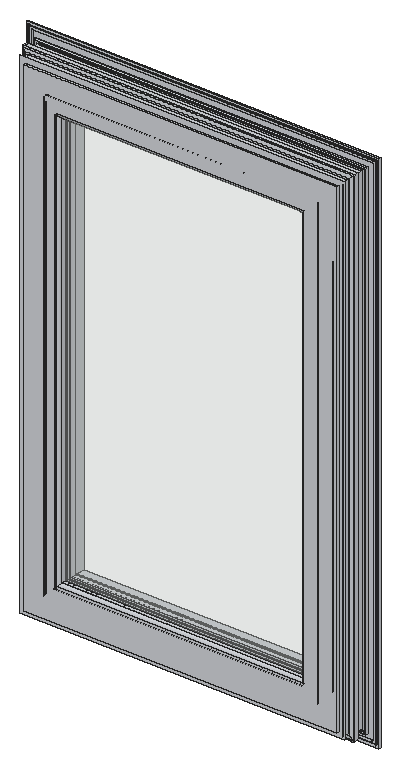
Revit family "Serene_T&T_Door_Custom", category Doors, host Wall, Revit 2014
Parameters (values of type "Serene_Sash_Open_In_94mm")
  Width Sash [instance] = 600 mm
  Width Bead [instance] = Width Sash - (Bead Edge Offset * 2)  # 456 mm
  Tilt [instance] = yes
  Single Glazing [instance] = yes
  SG Offset [instance] = Rear Glazing Channel Offset - SG Available Space + ((SG Available Space - SG Glazing Thickness) / 2)  # 32.25 mm
  SG Glazing Thickness [instance] = 4 mm
  SG Available Space = 13.5 mm  # constant formula
  Right Hinged [instance] = yes
  Rear Glazing Channel Offset = 41 mm  # constant formula
  Profile Material [instance] = none
  Left Hinged [instance] = yes
  Height Sash [instance] = 900 mm
  Height Bead [instance] = Height Sash - (Bead Edge Offset * 2)  # 756 mm
  Glazing Width [instance] = Width Sash - (Glazing Edge Offset * 2)  # 446 mm
  Glazing Material [instance] = Glass
  Glazing Height [instance] = Height Sash - (Glazing Edge Offset * 2)  # 746 mm
  Glazing Edge Offset = 77 mm  # constant formula
  Double Glazing Gasket Material [instance] = none
  Double Glazing [instance] = yes
  DG Offset [instance] = Rear Glazing Channel Offset - DG Available Space + ((DG Available Space - DG Gasket Thickness - (2 * DG Glazing Thickness)) / 2)  # 18.75 mm
  DG Glazing Thickness [instance] = 4 mm
  DG Gasket Thickness [instance] = 12 mm
  DG Available Space = 24.5 mm  # constant formula
  Bead Edge Offset = 72 mm  # constant formula
Reference planes
  plane 1 "Center (Front/Back)": y = 0
  plane 2: z = 0
  plane 3 "Center (Left/Right)": x = 0
Forms (mm)
  Sweep 1, solid, material <- "Profile Material"
    path origin (0, 0, 0) x (1, 0, 0) y (0, 0, 1)
      loop
        line (0, 0) -> (600, 0) -> (600, 900) -> (0, 900) -> (0, 0)
    profile origin (300, 0, 0) x (0, 0, 1) y (0, -1, 0)
      loop
        line (18.76, 32.963) -> (18.76, 28.4) -> (22.06, 28.4)
        arc (22.06, 28.4) -> (22.767, 28.107) -> (23.06, 27.4) r 1
        line (23.06, 27.4) -> (23.06, 25.9) -> (24.26, 25.9)
        arc (24.26, 25.9) -> (24.967, 25.607) -> (25.26, 24.9) r 1
        line (25.26, 24.9) -> (25.26, 9.3)
        arc (25.26, 9.3) -> (24.967, 8.593) -> (24.26, 8.3) r 1
        line (24.26, 8.3) -> (23.06, 8.3) -> (23.06, 6.9) -> (24.26, 6.9)
        arc (24.26, 6.9) -> (24.967, 6.607) -> (25.26, 5.9) r 1
        line (25.26, 5.9) -> (25.26, 1.3) -> (62.06, 1.3) -> (62.06, 4) -> (63.36, 4) -> (63.36, 1.3) -> (65.86, 1.3) -> (65.86, 33.5) -> (63.36, 33.5) -> (63.36, 30.8) -> (62.06, 30.8) -> (62.06, 33.5) -> (59.56, 33.5) -> (59.56, 34.8) -> (65.86, 34.8) -> (65.86, 50.7) -> (34.26, 50.7) -> (34.26, 46.5)
        arc (34.26, 46.5) -> (34.114, 46.146) -> (33.76, 46) r 0.5
        line (33.76, 46) -> (28.26, 46) -> (28.26, 33.9) -> (24.078, 33.9) -> (18.76, 32.963)
      loop
        line (17.46, 33.214) -> (17.46, 25.476) -> (18.76, 24.176) -> (18.76, 27.1) -> (21.76, 27.1) -> (21.76, 24.6) -> (23.96, 24.6) -> (23.96, 9.6) -> (21.76, 9.6) -> (21.76, 6.9) -> (18.76, 6.9) -> (18.76, 10.024) -> (17.46, 8.724) -> (17.46, 5.6) -> (23.96, 5.6) -> (23.96, 3.6) -> (22.8, 3.6)
        arc (22.8, 3.6) -> (22.3, 3.1) -> (22.8, 2.6) r 0.5
        line (22.8, 2.6) -> (23.96, 2.6) -> (23.96, 1.3) -> (7.7, 1.3) -> (7.7, 2.4) -> (8.5, 2.4) -> (8.5, 3.4) -> (5.3, 3.4) -> (5.3, 2.4) -> (6.6, 2.4) -> (6.6, 1.1) -> (1.2, 1.1) -> (1.2, 2.4) -> (2.5, 2.4) -> (2.5, 3.4) -> (0, 3.4) -> (0, 0) -> (71.999, 0) -> (71.999, 3.119) -> (70.16, 4.181) -> (70.16, 1.8) -> (67.16, 1.8) -> (67.16, 19.8) -> (70.16, 19.8) -> (70.16, 17.91) -> (71.96, 18.949) -> (71.96, 25.869) -> (70.66, 26.62) -> (70.66, 21.1) -> (67.16, 21.1) -> (67.16, 35) -> (70.66, 35) -> (70.66, 32.18) -> (71.96, 32.931) -> (71.96, 36.3) -> (67.16, 36.3) -> (67.16, 48.3) -> (68.21, 48.3)
        arc (68.21, 48.3) -> (68.71, 48.8) -> (68.21, 49.3) r 0.5
        line (68.21, 49.3) -> (67.16, 49.3) -> (67.16, 50.7) -> (83.46, 50.7) -> (83.46, 49.3) -> (82.21, 49.3)
        arc (82.21, 49.3) -> (81.71, 48.8) -> (82.21, 48.3) r 0.5
        line (82.21, 48.3) -> (83.46, 48.3)
        arc (83.46, 48.3) -> (84.167, 48.593) -> (84.46, 49.3) r 1
        line (84.46, 49.3) -> (84.46, 50.7) -> (88.96, 50.7)
        arc (88.96, 50.7) -> (91.576, 49.616) -> (92.66, 47) r 3.7
        line (92.66, 47) -> (92.66, 45.5) -> (86.16, 45.5) -> (86.16, 41) -> (88.66, 41) -> (88.66, 42.2) -> (87.46, 42.2) -> (87.46, 44.2) -> (92.66, 44.2) -> (92.66, 42.2) -> (91.46, 42.2) -> (91.46, 41) -> (93.96, 41) -> (93.96, 47)
        arc (93.96, 47) -> (92.496, 50.536) -> (88.96, 52) r 5
        line (88.96, 52) -> (32.96, 52) -> (32.96, 47.3) -> (23.536, 47.3) -> (24.836, 46) -> (26.96, 46) -> (26.96, 35.2) -> (23.988, 35.2) -> (18.286, 34.199)
        arc (18.286, 34.199) -> (17.694, 33.857) -> (17.46, 33.214) r 1
Lines and regions (mm)
  model lines, style "GenericModel"
    curve 1: line (32.96, -52, 867.04) -> (89, -52, 811)
    curve 2: line (567.04, -52, 867.04) -> (511, -52, 811)
    curve 3: line (32.96, -52, 32.96) -> (89, -52, 89)
    curve 4: line (567.04, -52, 32.96) -> (511, -52, 89)
    curve 5: line (23.536, -47.3, 876.464) -> (32.96, -47.3, 867.04)
    curve 6: line (576.464, -47.3, 876.464) -> (567.04, -47.3, 867.04)
    curve 7: line (567.04, -47.3, 32.96) -> (576.464, -47.3, 23.536)
    curve 8: line (32.96, -47.3, 32.96) -> (23.536, -47.3, 23.536)
    curve 9: line (600, 0, 900) -> (528, 0, 828)
    curve 10: line (0, 0, 900) -> (72, 0, 828)
    curve 11: line (600, 0, 0) -> (528, 0, 72)
    curve 12: line (71.999, 0, 71.999) -> (0, 0, 0)
Dimensions and locks
  "Width Sash": Sweep 1 sketch curve to Sweep 1 sketch curve
  "Height Sash": Sweep 1 sketch curve to Sweep 1 sketch curve
  "Bead Edge Offset": nested 1 to plane 2
  "Bead Edge Offset": nested 2 to plane 2
  "Bead Edge Offset": plane 3 "Center (Left/Right)" to nested 1
  "Bead Edge Offset": plane 3 "Center (Left/Right)" to nested 2
  "Glazing Edge Offset": plane 3 "Center (Left/Right)" to nested 3
  "Glazing Edge Offset": nested 3 to plane 2
  "SG Offset": nested 3 to plane 1 "Center (Front/Back)"
  "DG Offset": nested 4 to plane 1 "Center (Front/Back)"
  "Glazing Edge Offset": plane 3 "Center (Left/Right)" to nested 4
  "Glazing Edge Offset": nested 4 to level
  aligned and locked: level to plane 2
  aligned and locked: nested 1 to plane 1 "Center (Front/Back)"
  aligned and locked: nested 2 to plane 1 "Center (Front/Back)"
Automatic sketch dimensions
  Sweep 1 sketch curve to Sweep 1 sketch curve = 0 mm  (x13)
  profile plane to Sweep 1 sketch curve = 0 mm
  Sweep 1 sketch curve to plane 1 "Center (Front/Back)" = 0 mm
  Sweep 1 sketch curve to profile plane = 1.2 mm
  Sweep 1 sketch curve to Sweep 1 sketch curve = 1.3 mm  (x25)
  Sweep 1 sketch curve to Sweep 1 sketch curve = 2.8 mm  (x3)
  Sweep 1 sketch curve to Sweep 1 sketch curve = 1.1 mm  (x2)
  Sweep 1 sketch curve to Sweep 1 sketch curve = 0.8 mm  (x3)
  Sweep 1 sketch curve to profile plane = 17.46 mm
  Sweep 1 sketch curve to Sweep 1 sketch curve = 8.96 mm
  Sweep 1 sketch curve to Sweep 1 sketch curve = 0.826 mm
  Sweep 1 sketch curve to Sweep 1 sketch curve = 1 mm  (x7)
  Sweep 1 sketch curve to Sweep 1 sketch curve = 0.3 mm  (x9)
  Sweep 1 sketch curve to Sweep 1 sketch curve = 3 mm  (x4)
  Sweep 1 sketch curve to Sweep 1 sketch curve = 1.04 mm
  Sweep 1 sketch curve to Sweep 1 sketch curve = 5.249 mm
  Sweep 1 sketch curve to Sweep 1 sketch curve = 0.9 mm  (x2)
  Sweep 1 sketch curve to Sweep 1 sketch curve = 5.228 mm
  Sweep 1 sketch curve to Sweep 1 sketch curve = 0.089 mm
  Sweep 1 sketch curve to Sweep 1 sketch curve = 2.124 mm
  Sweep 1 sketch curve to Sweep 1 sketch curve = 4.7 mm  (x2)
  Sweep 1 sketch curve to Sweep 1 sketch curve = 25.3 mm
  plane 1 "Center (Front/Back)" to Sweep 1 sketch curve = 4 mm
  Sweep 1 sketch curve to Sweep 1 sketch curve = 2.5 mm  (x2)
  Sweep 1 sketch curve to Sweep 1 sketch curve = 6.3 mm
  Sweep 1 sketch curve to Sweep 1 sketch curve = 1.05 mm
  Sweep 1 sketch curve to Sweep 1 sketch curve = 3.5 mm
  Sweep 1 sketch curve to Sweep 1 sketch curve = 1.8 mm
  plane 1 "Center (Front/Back)" to Sweep 1 sketch curve = 3.119 mm
  Sweep 1 sketch curve to Sweep 1 sketch curve = 1.839 mm
  Sweep 1 sketch curve to Sweep 1 sketch curve = 14 mm
  Sweep 1 sketch curve to Sweep 1 sketch curve = 1.25 mm
  Sweep 1 sketch curve to Sweep 1 sketch curve = 2.7 mm  (x3)
  Sweep 1 sketch curve to Sweep 1 sketch curve = 1.2 mm  (x5)
  plane 1 "Center (Front/Back)" to Sweep 1 sketch curve = 1.1 mm
  plane 1 "Center (Front/Back)" to Sweep 1 sketch curve = 1.3 mm  (x3)
  Sweep 1 sketch curve to Sweep 1 sketch curve = 0.5 mm  (x4)
  plane 1 "Center (Front/Back)" to Sweep 1 sketch curve = 5.6 mm
  Sweep 1 sketch curve to Sweep 1 sketch curve = 1.4 mm  (x2)
  Sweep 1 sketch curve to Sweep 1 sketch curve = 1.824 mm
  Sweep 1 sketch curve to Sweep 1 sketch curve = 14.791 mm
  Sweep 1 sketch curve to Sweep 1 sketch curve = 1.039 mm
  Sweep 1 sketch curve to Sweep 1 sketch curve = 1.89 mm
  Sweep 1 sketch curve to Sweep 1 sketch curve = 14.151 mm
  Sweep 1 sketch curve to Sweep 1 sketch curve = 0.424 mm
  Sweep 1 sketch curve to Sweep 1 sketch curve = 4.769 mm
  Sweep 1 sketch curve to Sweep 1 sketch curve = 0.751 mm  (x2)
  Sweep 1 sketch curve to Sweep 1 sketch curve = 4.18 mm
  Sweep 1 sketch curve to Sweep 1 sketch curve = 5.561 mm
  Sweep 1 sketch curve to Sweep 1 sketch curve = 4.563 mm
  Sweep 1 sketch curve to Sweep 1 sketch curve = 0.252 mm
  Sweep 1 sketch curve to Sweep 1 sketch curve = 5.5 mm
  Sweep 1 sketch curve to Sweep 1 sketch curve = 2.069 mm
  Sweep 1 sketch curve to Sweep 1 sketch curve = 2 mm
  Sweep 1 sketch curve to Sweep 1 sketch curve = 10.8 mm
  Sweep 1 sketch curve to Sweep 1 sketch curve = 1.5 mm
  Sweep 1 sketch curve to Sweep 1 sketch curve = 12 mm
  Sweep 1 sketch curve to Sweep 1 sketch curve = 2.4 mm
  plane 1 "Center (Front/Back)" to Sweep 1 sketch curve = 4.181 mm
  curve 1 to Sweep 1 = 0 mm  (x2)
  curve 2 to Sweep 1 = 0 mm  (x2)
  curve 3 to Sweep 1 = 0 mm  (x2)
  curve 4 to Sweep 1 = 0 mm
  Sweep 1 to curve 4 = 0 mm
  curve 3 to Sweep 1 = 0.04 mm
  curve 1 to Sweep 1 = 0.04 mm  (x2)
  curve 2 to Sweep 1 = 0.04 mm  (x2)
  curve 4 to Sweep 1 = 0.04 mm
  Sweep 1 to curve 3 = 0.04 mm
  Sweep 1 to curve 4 = 0.04 mm
  curve 5 to Sweep 1 = 0 mm  (x4)
  curve 6 to Sweep 1 = 0 mm  (x4)
  curve 7 to Sweep 1 = 0 mm  (x3)
  Sweep 1 to curve 7 = 0 mm
  curve 8 to Sweep 1 = 0 mm  (x3)
  Sweep 1 to curve 8 = 0 mm
  curve 9 to Sweep 1 = 0 mm
  Sweep 1 to curve 9 = 0 mm
  curve 10 to Sweep 1 = 0 mm  (x2)
  curve 11 to Sweep 1 = 0 mm  (x2)
  curve 12 to Sweep 1 = 0 mm  (x4)
  curve 10 to Sweep 1 = 0.001 mm  (x2)
  curve 11 to Sweep 1 = 0.001 mm  (x2)
  curve 9 to Sweep 1 = 0.001 mm  (x2)
  Sweep 1 sketch curve to plane 3 "Center (Left/Right)" = 0 mm
  Sweep 1 sketch curve to level = 0 mm
Nested families
  nested 1: "Serene_Bead_Square_12mm" at (528, 0, 72) x (-1, 0, 0) z (0, 0, 1), visible <- "Single Glazing", Profile Material <- "Profile Material", Width Bead <- "Width Bead", Height Bead <- "Height Bead", type "Serene_Bead_Square_12mm"
    with Width Bead 456 mm, Profile Material none, Height Bead 756 mm
  nested 2: "Serene_Bead_D_Glazing_Square" at (528, 0, 72) x (-1, 0, 0) z (0, 0, 1), Profile Material <- "Profile Material", visible <- "Double Glazing", Width Bead <- "Width Bead", Height Bead <- "Height Bead", type "Serene_Bead_D_Glazing_Square"
    with Width Bead 456 mm, Profile Material none, Height Bead 756 mm
  nested 3: "Serene_Single_Glazing_Tilt_&_Turn_T&T_Door_Cust" at (77, -36.25, 77) x (-1, 0, 0) z (0, 0, 1), Glazing Width <- "Glazing Width", Glazing Height <- "Glazing Height", visible <- "Single Glazing", Glazing Material <- "Glazing Material", Glazing Thickness SG <- "SG Glazing Thickness", Tilt <- "Tilt", Right Hinged <- "Right Hinged", Left Hinged <- "Left Hinged", type "Serene_Single_Glazing_Tilt_&_Turn_T&T_Door_Cust"
    with Tilt yes, Right Hinged yes, Left Hinged yes, Half Width 223 mm, Half Height 373 mm, Glazing Width 446 mm, Glazing Thickness SG 4 mm, Glazing Material Glass, Glazing Height 746 mm
  nested 4: "Serene_Double_Glazing_Tilt_&_Turn_T&T_Door_Cust" at (77, -38.75, 77) x (-1, 0, 0) z (0, 0, 1), Glazing Width <- "Glazing Width", Glazing Height <- "Glazing Height", Glazing Thickness DG <- "DG Glazing Thickness", Double Glazing Gasket Thickness <- "DG Gasket Thickness", Double Glazing Gasket Material <- "Double Glazing Gasket Material", Glazing Material <- "Glazing Material", visible <- "Double Glazing", Tilt <- "Tilt", Left Hinged <- "Left Hinged", Right Hinged <- "Right Hinged", type "Serene_Double_Glazing_Tilt_&_Turn_T&T_Door_Cust"
    with Tilt yes, Right Hinged yes, Left Hinged yes, Half Width 223 mm, Half Height 373 mm, Glazing Width 446 mm, Glazing Thickness DG 4 mm, Glazing Material Glass, Glazing Height 746 mm, Double Glazing Gasket Thickness 12 mm, Double Glazing Gasket Material none
Definition of nested family "Serene_Bead_Square_12mm"
  Parameters (values of type "Serene_Bead_Square_12mm")
    Profile Material [instance] = none
    Width Bead [instance] = 600 mm
    Height Bead [instance] = 900 mm
  Reference planes
    plane 1 "Center (Front/Back)": y = 0
    plane 2: z = 0
    plane 3 "Center (Left/Right)": x = 0
  Forms (mm)
    Sweep 1, solid, material <- "Profile Material"
      path origin (0, 0, 0) x (1, 0, 0) y (0, 0, 1)
        loop
          line (0, 0) -> (600, 0) -> (600, 900) -> (0, 900) -> (0, 0)
      profile origin (300, 0, 0) x (0, 0, 1) y (0, -1, 0)
        loop
          line (20.8, -26.3) -> (19.6, -26.3) -> (19.6, -27.5) -> (22, -27.5) -> (22, 0) -> (0, 0) -> (0, -1.2) -> (1.2, -1.2) -> (1.2, -4.2) -> (-1.876, -4.2) -> (-1.876, -3.293) -> (-3.909, -4.467)
          arc (-3.909, -4.467) -> (-4.142, -5.029) -> (-3.659, -5.4) r 0.5
          line (-3.659, -5.4) -> (1.4, -5.4)
          arc (1.4, -5.4) -> (2.107, -5.107) -> (2.4, -4.4) r 1
          line (2.4, -4.4) -> (2.4, -1.2) -> (20.8, -1.2) -> (20.8, -16.2) -> (-3.659, -16.2)
          arc (-3.659, -16.2) -> (-4.142, -16.571) -> (-3.909, -17.133) r 0.5
          line (-3.909, -17.133) -> (-1.876, -18.307) -> (-1.876, -17.4) -> (20.8, -17.4) -> (20.8, -23.4) -> (14.6, -23.4) -> (14.6, -27.5) -> (17, -27.5) -> (17, -26.3) -> (15.8, -26.3) -> (15.8, -24.6) -> (20.8, -24.6) -> (20.8, -26.3)
  Lines and regions (mm)
    model lines, style "GenericModel"
      curve 1: line (22, 0, 878) -> (0, 0, 900)
      curve 2: line (578, 0, 878) -> (600, 0, 900)
      curve 3: line (578, 0, 22) -> (600, 0, 0)
      curve 4: line (22, 0, 22) -> (0, 0, 0)
  Dimensions and locks
    "Width Bead": Sweep 1 sketch curve to Sweep 1 sketch curve
    "Height Bead": Sweep 1 sketch curve to Sweep 1 sketch curve
    aligned and locked: level to plane 2
  Automatic sketch dimensions
    profile plane to Sweep 1 sketch curve = 3.909 mm
    Sweep 1 sketch curve to Sweep 1 sketch curve = 0 mm  (x4)
    Sweep 1 sketch curve to Sweep 1 sketch curve = 0.25 mm  (x2)
    Sweep 1 sketch curve to Sweep 1 sketch curve = 1.783 mm  (x2)
    Sweep 1 sketch curve to Sweep 1 sketch curve = 1.876 mm
    Sweep 1 sketch curve to Sweep 1 sketch curve = 3.076 mm
    Sweep 1 sketch curve to Sweep 1 sketch curve = 0.2 mm  (x2)
    Sweep 1 sketch curve to Sweep 1 sketch curve = 1.2 mm  (x9)
    Sweep 1 sketch curve to Sweep 1 sketch curve = 16.476 mm
    Sweep 1 sketch curve to Sweep 1 sketch curve = 2.6 mm
    Sweep 1 sketch curve to plane 1 "Center (Front/Back)" = 27.5 mm
    Sweep 1 sketch curve to Sweep 1 sketch curve = 1.7 mm
    Sweep 1 sketch curve to Sweep 1 sketch curve = 5.093 mm
    Sweep 1 sketch curve to Sweep 1 sketch curve = 6 mm
    Sweep 1 sketch curve to Sweep 1 sketch curve = 0.267 mm
    Sweep 1 sketch curve to Sweep 1 sketch curve = 0.433 mm
    Sweep 1 sketch curve to Sweep 1 sketch curve = 10.8 mm
    Sweep 1 sketch curve to Sweep 1 sketch curve = 0.5 mm
    Sweep 1 sketch curve to Sweep 1 sketch curve = 0.907 mm
    Sweep 1 sketch curve to Sweep 1 sketch curve = 2.093 mm
    Sweep 1 sketch curve to Sweep 1 sketch curve = 15 mm
    curve 1 to Sweep 1 = 0 mm  (x4)
    curve 4 to Sweep 1 = 0 mm  (x3)
    Sweep 1 to curve 4 = 0 mm
    curve 3 to Sweep 1 = 0 mm  (x3)
    curve 2 to Sweep 1 = 0 mm  (x4)
    Sweep 1 to curve 3 = 0 mm
    Sweep 1 sketch curve to plane 3 "Center (Left/Right)" = 0 mm
    Sweep 1 sketch curve to level = 0 mm
Definition of nested family "Serene_Bead_D_Glazing_Square"
  Parameters (values of type "Serene_Bead_D_Glazing_Square")
    Width Bead [instance] = 900 mm
    Profile Material [instance] = none
    Height Bead [instance] = 1320 mm
  Reference planes
    plane 1 "Center (Front/Back)": y = 0
    plane 2: z = 0
    plane 3 "Center (Left/Right)": x = 0
  Forms (mm)
    Sweep 1, solid, material <- "Profile Material"
      path origin (0, 0, 0) x (1, 0, 0) y (0, 0, 1)
        loop
          line (0, 0) -> (900, 0) -> (900, 1320) -> (0, 1320) -> (0, 0)
      profile origin (450, 0, 0) x (0, 0, 1) y (0, -1, 0)
        loop
          line (22, -16.5) -> (22, 0) -> (0, 0) -> (0, -1.2) -> (1.2, -1.2) -> (1.2, -4.2) -> (-1.876, -4.2) -> (-1.876, -3.293) -> (-3.909, -4.467)
          arc (-3.909, -4.467) -> (-4.142, -5.029) -> (-3.659, -5.4) r 0.5
          line (-3.659, -5.4) -> (1.4, -5.4)
          arc (1.4, -5.4) -> (2.107, -5.107) -> (2.4, -4.4) r 1
          line (2.4, -4.4) -> (2.4, -1.2) -> (20.8, -1.2) -> (20.8, -12.4) -> (14.6, -12.4) -> (0, -16.7) -> (-3.659, -16.7)
          arc (-3.659, -16.7) -> (-4.142, -17.071) -> (-3.909, -17.633) r 0.5
          line (-3.909, -17.633) -> (-1.876, -18.807) -> (-1.876, -17.9) -> (0.173, -17.9) -> (14.6, -13.651) -> (14.6, -16.5) -> (17, -16.5) -> (17, -15.3) -> (15.8, -15.3) -> (15.8, -13.6) -> (20.8, -13.6) -> (20.8, -15.3) -> (19.6, -15.3) -> (19.6, -16.5) -> (22, -16.5)
  Lines and regions (mm)
    model lines, style "GenericModel"
      curve 1: line (22, 0, 1298) -> (0, 0, 1298)
      curve 2: line (878, 0, 1298) -> (900, 0, 1298)
      curve 3: line (878, 0, 22) -> (900, 0, 22)
      curve 4: line (22, 0, 22) -> (0, 0, 22)
  Dimensions and locks
    "Width Bead": Sweep 1 sketch curve to Sweep 1 sketch curve
    "Height Bead": Sweep 1 sketch curve to Sweep 1 sketch curve
    aligned and locked: level to plane 2
  Automatic sketch dimensions
    profile plane to Sweep 1 sketch curve = 3.909 mm  (x2)
    Sweep 1 sketch curve to Sweep 1 sketch curve = 0.25 mm  (x2)
    Sweep 1 sketch curve to Sweep 1 sketch curve = 2.033 mm
    Sweep 1 sketch curve to Sweep 1 sketch curve = 1.783 mm
    Sweep 1 sketch curve to Sweep 1 sketch curve = 1.876 mm  (x2)
    Sweep 1 sketch curve to Sweep 1 sketch curve = 0.173 mm
    Sweep 1 sketch curve to Sweep 1 sketch curve = 1.2 mm  (x9)
    Sweep 1 sketch curve to Sweep 1 sketch curve = 0.2 mm
    Sweep 1 sketch curve to Sweep 1 sketch curve = 12.2 mm
    Sweep 1 sketch curve to Sweep 1 sketch curve = 0 mm  (x4)
    Sweep 1 sketch curve to Sweep 1 sketch curve = 2.6 mm
    Sweep 1 sketch curve to plane 1 "Center (Front/Back)" = 18.807 mm
    Sweep 1 sketch curve to Sweep 1 sketch curve = 0.907 mm  (x2)
    Sweep 1 sketch curve to Sweep 1 sketch curve = 0.267 mm
    Sweep 1 sketch curve to Sweep 1 sketch curve = 0.433 mm
    Sweep 1 sketch curve to plane 1 "Center (Front/Back)" = 16.5 mm
    Sweep 1 sketch curve to Sweep 1 sketch curve = 1.649 mm
    Sweep 1 sketch curve to Sweep 1 sketch curve = 1.7 mm
    Sweep 1 sketch curve to Sweep 1 sketch curve = 1.251 mm
    Sweep 1 sketch curve to Sweep 1 sketch curve = 11.3 mm
    Sweep 1 sketch curve to Sweep 1 sketch curve = 0.5 mm
    Sweep 1 sketch curve to Sweep 1 sketch curve = 0.7 mm
    Sweep 1 sketch curve to Sweep 1 sketch curve = 3 mm
    curve 1 to Sweep 1 = 0 mm  (x3)
    curve 4 to Sweep 1 = 0 mm  (x2)
    Sweep 1 to curve 4 = 0 mm
    curve 3 to Sweep 1 = 0 mm  (x2)
    curve 2 to Sweep 1 = 0 mm  (x2)
    Sweep 1 to curve 3 = 0 mm
    Sweep 1 to curve 2 = 0 mm
    Sweep 1 sketch curve to plane 3 "Center (Left/Right)" = 0 mm
    Sweep 1 sketch curve to level = 0 mm
Definition of nested family "Serene_Single_Glazing_Tilt_&_Turn_T&T_Door_Cust"
  Parameters (values of type "Single_Glazing_Tilt_&_Turn")
    Tilt [instance] = yes
    Right Hinged [instance] = yes
    Left Hinged [instance] = yes
    Half Width [instance] = Glazing Width / 2  # 450 mm
    Half Height [instance] = Glazing Height / 2  # 750 mm
    Glazing Width [instance] = 900 mm
    Glazing Height [instance] = 1500 mm
    Glazing Thickness SG [instance] = 4 mm
    Glazing Material [instance] = Glass
    Glazing Bead Gap = 21.8 mm  # constant formula
  Reference planes
    plane 1 "Center (Front/Back)": y = 0
    plane 2: z = 0
    plane 3 "Center (Left/Right)": x = 0
  Forms (mm)
    Extrusion 1, solid, material "Glass" <- "Glazing Material"
      sketch origin (0, 0, 0) x (1, 0, 0) y (0, 0, 1)
        loop
          line (0, 0) -> (0, 1500) -> (-900, 1500) -> (-900, 0) -> (0, 0)
      from 0 to 4 <- "Glazing Thickness SG"
  Lines and regions (mm)
    model lines, style "GenericModelHiddenLines", visible <- "Left Hinged"
      curve 1: line (-878.2, 0, 1478.2) -> (-21.8, 0, 750)
      curve 2: line (-21.8, 0, 750) -> (-878.2, 0, 21.8)
    model lines, style "GenericModelHiddenLines", visible <- "Right Hinged"
      curve 3: line (-21.8, 0, 1478.2) -> (-878.2, 0, 750)
      curve 4: line (-878.2, 0, 750) -> (-21.8, 0, 21.8)
    model lines, style "GenericModelHiddenLines", visible <- "Tilt"
      curve 5: line (-878.2, 0, 21.8) -> (-450, 0, 1478.2)
      curve 6: line (-450, 0, 1478.2) -> (-21.8, 0, 21.8)
  Dimensions and locks
    "Glazing Width": plane 3 "Center (Left/Right)" to Extrusion 1 sketch curve
    "Glazing Height": Extrusion 1 sketch curve to level
    "Glazing Bead Gap": curve 2 to Extrusion 1
    "Glazing Bead Gap": Extrusion 1 to curve 2  (x2)
    "Glazing Bead Gap": Extrusion 1 to curve 4  (x2)
    "Glazing Bead Gap": curve 4 to Extrusion 1
    "Glazing Bead Gap": Extrusion 1 to curve 3  (x2)
    "Glazing Bead Gap": Extrusion 1 to curve 1  (x2)
    "Half Height": curve 4 to Extrusion 1
    "Half Height": curve 2 to Extrusion 1
    "Glazing Bead Gap": Extrusion 1 to curve 6
    "Half Width": plane 3 "Center (Left/Right)" to curve 6
    aligned and locked: level to plane 2
    aligned and locked: Extrusion 1 sketch curve to plane 3 "Center (Left/Right)"
    aligned and locked: level to Extrusion 1 sketch curve
Definition of nested family "Serene_Double_Glazing_Tilt_&_Turn_T&T_Door_Cust"
  Parameters (values of type "Double_Glazing_Tilt_&_Turn")
    Tilt [instance] = yes
    Left Hinged [instance] = yes
    Right Hinged [instance] = yes
    Half Width [instance] = Glazing Width / 2  # 300 mm
    Half Height [instance] = Glazing Height / 2  # 300 mm
    Glazing Width [instance] = 600 mm
    Glazing Height [instance] = 600 mm
    Glazing Thickness DG [instance] = 4 mm
    Glazing Material [instance] = Glass
    Glazing Bead Gap = 21.8 mm  # constant formula
    Double Glazing Gasket Thickness [instance] = 12 mm
    Double Glazing Gasket Material [instance] = none
  Reference planes
    plane 1 "Center (Front/Back)": y = 0
    plane 2: z = 0
    plane 3 "Center (Left/Right)": x = 0
  Forms (mm)
    Extrusion 1, solid, material "Glass" <- "Glazing Material"
      sketch origin (0, 0, 0) x (1, 0, 0) y (0, 0, 1)
        loop
          line (0, 0) -> (0, 600) -> (-600, 600) -> (-600, 0) -> (0, 0)
      from 0 to 4 <- "Glazing Thickness DG"
    Extrusion 2, solid, material <- "Double Glazing Gasket Material"
      sketch origin (0, -4, 0) x (1, 0, 0) y (0, 0, 1)
        loop
          line (-600, 600) -> (-600, 0) -> (0, 0) -> (0, 600) -> (-600, 600)
        loop
          line (-592, 8) -> (-8, 8) -> (-8, 592) -> (-592, 592) -> (-592, 8)
      from 0 to 12 <- "Double Glazing Gasket Thickness"
    Extrusion 3, solid, material "Glass" <- "Glazing Material"
      sketch origin (0, -16, 0) x (1, 0, 0) y (0, 0, 1)
        loop
          line (-600, 600) -> (-600, 0) -> (0, 0) -> (0, 600) -> (-600, 600)
      from 0 to 4 <- "Glazing Thickness DG"
  Lines and regions (mm)
    model lines, style "GenericModelHiddenLines", visible <- "Left Hinged"
      curve 1: line (-578.2, 0, 21.8) -> (-21.8, 0, 300)
      curve 2: line (-21.8, 0, 300) -> (-578.2, 0, 578.2)
    model lines, style "GenericModelHiddenLines", visible <- "Right Hinged"
      curve 3: line (-21.8, 0, 578.2) -> (-578.2, 0, 300)
      curve 4: line (-578.2, 0, 300) -> (-21.8, 0, 21.8)
    model lines, style "GenericModelHiddenLines", visible <- "Tilt"
      curve 5: line (-578.2, 0, 21.8) -> (-300, 0, 578.2)
      curve 6: line (-300, 0, 578.2) -> (-21.8, 0, 21.8)
  Dimensions and locks
    "Glazing Width": plane 3 "Center (Left/Right)" to Extrusion 1 sketch curve
    "Glazing Height": Extrusion 1 sketch curve to level
    "Glazing Bead Gap": curve 1 to Extrusion 3
    "Glazing Bead Gap": Extrusion 3 to curve 1
    "Glazing Bead Gap": Extrusion 3 to curve 2  (x3)
    "Half Height": curve 2 to Extrusion 3
    "Glazing Bead Gap": Extrusion 3 to curve 4  (x2)
    "Half Height": curve 4 to Extrusion 3
    "Glazing Bead Gap": curve 4 to Extrusion 3
    "Glazing Bead Gap": Extrusion 3 to curve 3  (x2)
    "Glazing Bead Gap": Extrusion 3 to curve 6
    "Half Width": plane 3 "Center (Left/Right)" to curve 6
    aligned and locked: level to plane 2
    aligned and locked: Extrusion 1 sketch curve to plane 3 "Center (Left/Right)"
    aligned and locked: level to Extrusion 1 sketch curve
    aligned and locked: Extrusion 2 sketch curve to Extrusion 1  (x4)
    aligned and locked: Extrusion 3 sketch curve to Extrusion 2  (x4)
  Automatic sketch dimensions
    Extrusion 2 sketch curve to Extrusion 1 = 8 mm  (x4)
